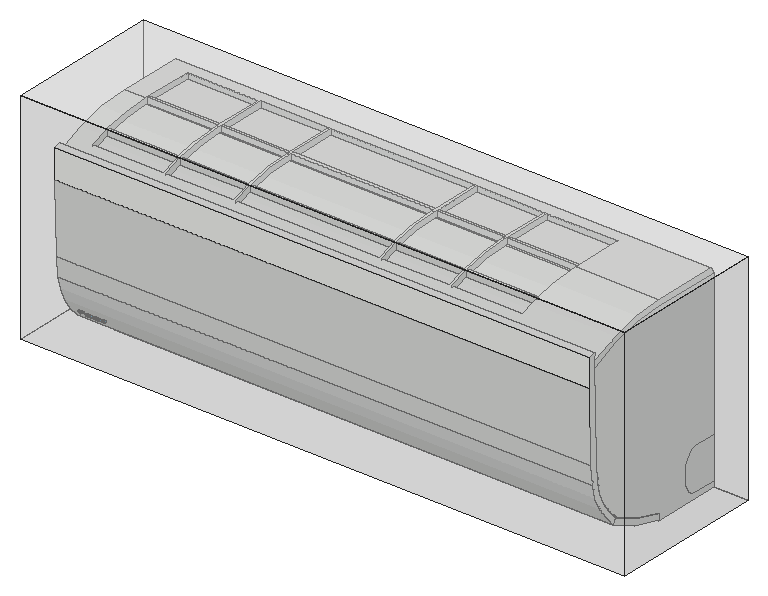
Revit family "outputfile", category 機械設備, Revit 2024 (continued)
Definition of nested family "DAIKIN_indoorunit_CTXF-TVMA"
  Automatic sketch dimensions
    Extrusion 21 sketch curve to Extrusion 21 sketch curve = 74.426 mm
    Extrusion 21 sketch curve to Extrusion 21 sketch curve = 0.483 mm
    Extrusion 21 sketch curve to Extrusion 21 sketch curve = 4.137 mm
    Extrusion 21 sketch curve to Extrusion 21 sketch curve = 31.393 mm
    Extrusion 21 sketch curve to Extrusion 21 sketch curve = 9.215 mm
    Extrusion 21 sketch curve to level = 8.0 mm
    Extrusion 22 sketch curve to plane 1 "Center (Front/Back)" = 0.0 mm
    Extrusion 22 sketch curve to Extrusion 22 sketch curve = 20.0 mm  (x2)
    Extrusion 22 sketch curve to level = 287.035 mm
    Extrusion 23 sketch curve to plane 1 "Center (Front/Back)" = 0.0 mm
    Extrusion 23 sketch curve to Extrusion 23 sketch curve = 20.0 mm  (x2)
    Extrusion 23 sketch curve to level = 287.035 mm
    plane 1 "Center (Front/Back)" to Extrusion 24 sketch curve = 0.0 mm  (x2)
    plane 3 "Center (Left/Right)" to Extrusion 24 sketch curve = 469.0 mm
    Extrusion 24 sketch curve to Extrusion 24 sketch curve = 20.0 mm  (x4)
    Extrusion 24 sketch curve to plane 3 "Center (Left/Right)" = 409.0 mm
  Nested families
    nested 1: "daikin_logo_plane_w40" at (-320, -198.871, -233.244) x (1, 0, 0) z (0, -0.7841, -0.6206), visible <- "switch_unit1_20-35", type "daikin_logo_plane_w40"
      with show_logo yes
    nested 2: "daikin_logo_plane_w40" at (-430, -237.74, -233.244) x (1, 0, 0) z (0, -0.7841, -0.6206), visible <- "switch_unit1_50", type "daikin_logo_plane_w40"
      with show_logo yes
  Definition of nested family "daikin_logo_plane_w40"
    Parameters (values of type "daikin_logo_plane_w40")
      width = 40.0 mm
      show_logo [instance] = yes
      material = none
      height = 0.0 mm
      depth = 0.0 mm
      Default Elevation = 1219.2 mm
    Reference planes
      plane 1 "Center (Front/Back)": y = 0
      plane 2: z = 0
      plane 3 "Center (Left/Right)": x = 0
      plane 4: z = 2
      plane 5 "left": x = -19
      plane 6: x = 19
    Forms (mm)
      Extrusion 1, solid, visible <- "show_logo"
        sketch origin (-19, 0, 0) x (1, 0, 0) y (0, 1, 0)
          loop
            line (8.902, -1.878) -> (7.789, -6.332) -> (11.13, -6.332)
            arc (11.13, -6.332) -> (12.454, -6.064) -> (13.472, -5.176) r 2.642
            arc (13.472, -5.176) -> (13.92, -4.02) -> (13.767, -2.79) r 2.537
            arc (13.767, -2.79) -> (13.452, -2.342) -> (12.982, -2.06) r 1.321
            arc (12.982, -2.06) -> (12.063, -1.902) -> (11.13, -1.878) r 6.479
            line (11.13, -1.878) -> (8.902, -1.878)
          loop
            line (10.016, -5.441) -> (10.907, -5.441)
            arc (10.907, -5.441) -> (11.591, -4.983) -> (11.988, -4.261) r 1.742
            spline (11.988, -4.261) -> (12.01, -4.155) -> (12.027, -4.03) -> (12.037, -3.893) -> (12.037, -3.747) -> (12.026, -3.598) -> (12.002, -3.451) -> (11.962, -3.31) -> (11.905, -3.181) -> (11.829, -3.069) -> (11.731, -2.978) -> (11.61, -2.913) -> (11.464, -2.88)
            line (11.464, -2.88) -> (10.573, -2.88) -> (10.016, -5.441)
          loop
            line (13.58, -6.332) -> (14.805, -6.332) -> (15.223, -5.553) -> (16.977, -5.553) -> (17.144, -6.332) -> (19.149, -6.332) -> (18.258, -1.878) -> (16.03, -1.878) -> (13.58, -6.332)
          loop
            line (16.476, -3.214) -> (15.76, -4.551) -> (16.762, -4.551) -> (16.476, -3.214)
          loop
            line (19.705, -6.332) -> (21.599, -6.332) -> (22.712, -1.878) -> (20.819, -1.878) -> (19.705, -6.332)
          loop
            line (22.712, -6.332) -> (24.606, -6.332) -> (24.908, -5.122) -> (25.831, -6.332) -> (28.17, -6.332) -> (26.388, -3.994) -> (28.949, -1.878) -> (26.945, -1.878) -> (25.401, -3.153) -> (25.719, -1.878) -> (23.826, -1.878) -> (22.712, -6.332)
          loop
            line (29.84, -1.878) -> (28.615, -6.332) -> (30.62, -6.332) -> (31.734, -1.878) -> (29.84, -1.878)
          loop
            line (31.734, -6.332) -> (33.07, -6.332) -> (33.7, -3.814) -> (34.518, -6.332) -> (36.745, -6.332) -> (37.859, -1.878) -> (36.523, -1.878) -> (35.845, -4.589) -> (34.963, -1.878) -> (32.847, -1.878) -> (31.734, -6.332)
        from 0 to 2
      Extrusion 2, solid, visible <- "show_logo"
        sketch origin (-19, 0, 0) x (1, 0, 0) y (0, 1, 0)
          loop
            line (8.7, 0) -> (4.235, 0) -> (0, -3.879) -> (0, -8) -> (8.7, 0)
        from 0 to 2
      Extrusion 3, solid, visible <- "show_logo"
        sketch origin (-19, 0, 0) x (1, 0, 0) y (0, 1, 0)
          loop
            line (0, 0) -> (0, -3.879) -> (4.235, 0) -> (0, 0)
        from 0 to 2
    Dimensions and locks
      plane 4 to plane 2 = 2.0 mm
      equal spacing: plane 5 "left", plane 3 "Center (Left/Right)", plane 6
      locked: plane 5 "left" to plane 6 at 38
      aligned and locked: level to plane 2
      aligned and locked: Extrusion 3 to plane 1 "Center (Front/Back)"  (x2)
      aligned and locked: Extrusion 2 to plane 1 "Center (Front/Back)"  (x2)
      aligned and locked: plane 4 to Extrusion 1
      aligned and locked: plane 4 to Extrusion 3
      aligned and locked: plane 4 to Extrusion 2
      aligned and locked: Extrusion 3 to plane 5 "left"
      aligned and locked: Extrusion 2 to plane 5 "left"
    Automatic sketch dimensions
      Extrusion 1 sketch curve to Extrusion 1 sketch curve = 0.901 mm
      Extrusion 1 sketch curve to Extrusion 1 sketch curve = 1.559 mm
      Extrusion 1 sketch curve to Extrusion 1 sketch curve = 1.327 mm
      Extrusion 1 sketch curve to Extrusion 1 sketch curve = 2.145 mm
      Extrusion 1 sketch curve to Extrusion 1 sketch curve = 1.448 mm
      Extrusion 1 sketch curve to Extrusion 1 sketch curve = 2.116 mm
      Extrusion 1 sketch curve to Extrusion 1 sketch curve = 1.114 mm  (x4)
      Extrusion 1 sketch curve to Extrusion 1 sketch curve = 1.336 mm  (x2)
      plane 1 "Center (Front/Back)" to Extrusion 1 sketch curve = 1.878 mm  (x5)
      Extrusion 1 sketch curve to Extrusion 1 sketch curve = 1.893 mm  (x5)
      Extrusion 1 sketch curve to Extrusion 1 sketch curve = 0.891 mm  (x4)
      Extrusion 1 sketch curve to Extrusion 1 sketch curve = 2.005 mm  (x3)
      Extrusion 1 sketch curve to Extrusion 1 sketch curve = 0.445 mm  (x2)
      plane 1 "Center (Front/Back)" to Extrusion 1 sketch curve = 3.994 mm
      Extrusion 1 sketch curve to Extrusion 1 sketch curve = 0.557 mm  (x2)
      Extrusion 1 sketch curve to Extrusion 1 sketch curve = 2.339 mm  (x2)
      Extrusion 1 sketch curve to Extrusion 1 sketch curve = 1.225 mm  (x3)
      plane 1 "Center (Front/Back)" to Extrusion 1 sketch curve = 3.153 mm
      Extrusion 1 sketch curve to Extrusion 1 sketch curve = 0.987 mm
      plane 1 "Center (Front/Back)" to Extrusion 1 sketch curve = 5.122 mm
      Extrusion 1 sketch curve to Extrusion 1 sketch curve = 0.922 mm
      plane 1 "Center (Front/Back)" to Extrusion 1 sketch curve = 6.332 mm
      Extrusion 1 sketch curve to Extrusion 1 sketch curve = 2.562 mm
      plane 1 "Center (Front/Back)" to Extrusion 1 sketch curve = 5.553 mm
      Extrusion 1 sketch curve to Extrusion 1 sketch curve = 0.167 mm
      Extrusion 1 sketch curve to Extrusion 1 sketch curve = 0.215 mm
      plane 1 "Center (Front/Back)" to Extrusion 1 sketch curve = 3.214 mm
      Extrusion 1 sketch curve to Extrusion 1 sketch curve = 0.286 mm
      plane 1 "Center (Front/Back)" to Extrusion 1 sketch curve = 4.551 mm
      Extrusion 1 sketch curve to Extrusion 1 sketch curve = 1.002 mm
      Extrusion 1 sketch curve to Extrusion 1 sketch curve = 0.537 mm
      Extrusion 1 sketch curve to Extrusion 1 sketch curve = 0.418 mm
      Extrusion 1 sketch curve to Extrusion 1 sketch curve = 1.028 mm
      plane 1 "Center (Front/Back)" to Extrusion 1 sketch curve = 4.261 mm
      Extrusion 1 sketch curve to Extrusion 1 sketch curve = 0.563 mm
      plane 1 "Center (Front/Back)" to Extrusion 1 sketch curve = 2.88 mm
      Extrusion 1 sketch curve to Extrusion 1 sketch curve = 1.088 mm
      Extrusion 1 sketch curve to Extrusion 1 sketch curve = 2.152 mm
      Extrusion 1 sketch curve to Extrusion 1 sketch curve = 0.586 mm
      Extrusion 1 sketch curve to Extrusion 1 sketch curve = 0.118 mm
      Extrusion 1 sketch curve to Extrusion 1 sketch curve = 0.298 mm
      Extrusion 1 sketch curve to Extrusion 1 sketch curve = 0.334 mm
      Extrusion 1 sketch curve to Extrusion 1 sketch curve = 0.223 mm
      Extrusion 1 sketch curve to Extrusion 1 sketch curve = 0.266 mm
      Extrusion 1 sketch curve to Extrusion 1 sketch curve = 1.671 mm
      Extrusion 1 sketch curve to Extrusion 1 sketch curve = 2.227 mm
      Extrusion 1 sketch curve to Extrusion 1 sketch curve = 0.0 mm  (x7)
      Extrusion 1 sketch curve to Extrusion 1 sketch curve = 3.453 mm
      Extrusion 1 sketch curve to Extrusion 1 sketch curve = 2.017 mm
      Extrusion 1 sketch curve to Extrusion 1 sketch curve = 0.78 mm  (x2)
      Extrusion 1 sketch curve to Extrusion 1 sketch curve = 1.743 mm
      Extrusion 1 sketch curve to Extrusion 1 sketch curve = 0.775 mm
      Extrusion 1 sketch curve to Extrusion 1 sketch curve = 0.552 mm
      Extrusion 1 sketch curve to Extrusion 1 sketch curve = 0.014 mm
      Extrusion 1 sketch curve to Extrusion 1 sketch curve = 0.952 mm
      Extrusion 1 sketch curve to Extrusion 1 sketch curve = 1.215 mm
      Extrusion 1 sketch curve to Extrusion 1 sketch curve = 0.108 mm
      plane 1 "Center (Front/Back)" to Extrusion 2 sketch curve = 0.0 mm
      Extrusion 2 sketch curve to plane 3 "Center (Left/Right)" = 19.0 mm
      Extrusion 2 sketch curve to plane 3 "Center (Left/Right)" = 14.765 mm
      Extrusion 2 sketch curve to Extrusion 2 sketch curve = 4.465 mm
      plane 1 "Center (Front/Back)" to Extrusion 2 sketch curve = 3.879 mm
      Extrusion 2 sketch curve to Extrusion 2 sketch curve = 4.12 mm
      plane 1 "Center (Front/Back)" to Extrusion 3 sketch curve = 0.0 mm
      Extrusion 3 sketch curve to plane 3 "Center (Left/Right)" = 19.0 mm
      Extrusion 3 sketch curve to plane 3 "Center (Left/Right)" = 14.765 mm
      plane 1 "Center (Front/Back)" to Extrusion 3 sketch curve = 3.879 mm
      Extrusion 1 sketch curve to plane 3 "Center (Left/Right)" = 11.211 mm
      Extrusion 1 sketch curve to Extrusion 1 sketch curve = 1.782 mm
Definition of nested family "daikin_connector_rotate3"
  Parameters (values of type "daikin_connector_rotate3")
    show [instance] = yes
    radius [instance] = 10.0 mm
    length [instance] = 600.0 mm
    angle_horizontal [instance] = 60.00°
    angle_vertical [instance] = 90.00°
    Default Elevation = 1219.2 mm
  Reference planes
    plane 1 "Center (Front/Back)": y = 0
    plane 2: z = 0
    plane 3 "Center (Left/Right)": x = 0
  Dimensions and locks
    "angle_horizontal": angle plane 3 "Center (Left/Right)" to nested 1
    aligned and locked: level to plane 2
    aligned and locked: plane 1 "Center (Front/Back)" to nested 1  (x2)
    aligned and locked: plane 3 "Center (Left/Right)" to nested 1
  Nested families
    nested 1: "daikin_connector_rotate2" at (0, 0, 0) x (0.5, 0.866, 0) z (0, 0, 1), angle_vertical <- "angle_vertical", length <- "length", radius <- "radius", type "daikin_connector_rotate2"
      with radius 10.0 mm, length 600.0 mm, angle_vertical 90.00°
  Definition of nested family "daikin_connector_rotate2"
    Parameters (values of type "daikin_connector_rotate2")
      show_face = yes
      radius [instance] = 10.0 mm
      length [instance] = 600.0 mm
      d_surface = 10.0 mm
      angle_vertical [instance] = 90.00°
      Default Elevation = 0.0 mm
    Reference planes
      plane 1 "Center (Front/Back)": y = 0
      plane 2: z = 0
      plane 3 "Center (Left/Right)": x = 0
    Forms (mm)
      Extrusion 1, solid, visible <- "show_face"
        sketch origin (0, -600, 0) x (1, 0, 0) y (0, 0, 1)
          loop
            circle (0, 0) r 10
        from 0 to -10
    Lines and regions (mm)
      reference lines
        curve 1: line (0, 0, 0) -> (0, -600, 0)
      symbolic lines
        curve 2: circle (0, 0, 0) r 5 normal (0, 0, 1)
      model lines, visible <- "show_face"
        curve 3: line (0, 0, 0) -> (0, -600, 0)
    Dimensions and locks
      "length": curve 1 to curve 1
      "length": curve 3 to curve 3
      "d_surface": Extrusion 1 to Extrusion 1
      "radius": radius of Extrusion 1 sketch curve
      "angle_vertical": angle curve 1 to plane 1 "Center (Front/Back)"
      "angle_vertical": angle curve 3 to plane 1 "Center (Front/Back)"
      aligned and locked: level to plane 2
      aligned and locked: plane 1 "Center (Front/Back)" to curve 1
      aligned and locked: plane 2 to curve 1
      aligned and locked: plane 1 "Center (Front/Back)" to curve 2
      aligned and locked: plane 3 "Center (Left/Right)" to curve 2
      aligned and locked: plane 1 "Center (Front/Back)" to curve 3
      aligned and locked: plane 2 to curve 3
      aligned and locked: Extrusion 1 to Extrusion 1
    Automatic sketch dimensions
      Extrusion 1 sketch curve to level = 0.0 mm
      Extrusion 1 sketch curve to plane 3 "Center (Left/Right)" = 0.0 mm
      radius of curve 2 = 5.0 mm
